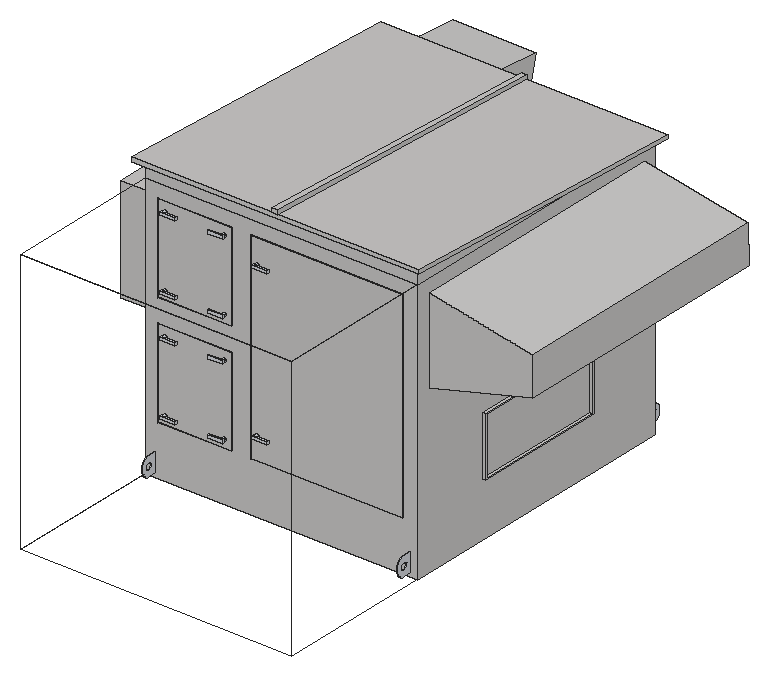
Revit family "DN-3RT-2FP-ERV", category Mechanical Equipment, Revit 2016
Family settings
  Part Type = Normal
  Round Connector Dimension = Use Diameter
  OmniClass Number = 23.75.00.00
  OmniClass Title = Climate Control (HVAC)
  Work Plane-Based = No
  Always vertical = Yes
  Cut with Voids When Loaded = No
  Shared = No
  Room Calculation Point = No
Parameters (values of type "2 @ 2.70 kW ea.")
  Voltage [instance] = "200-240 V"
  Unit Weight Range (lbs) [instance] = "2125-2325 lbs."
  Max. Shipping Weight (lbs) [instance] = "2350-2550 lbs."
  Unit Dimensions (L x W x H) [instance] = "112-1/4\" x 104-5/8\" x 77-1/8\""
  Shipping Dimensions (L x W x H) [instance] = "100\" x 90\" x 83\""
  Unit [instance] = Renewaire - Galvanized Steel
  URL = "www.renewaire.com"
  Typical Airflow Range = "750-3,300 CFM"
  Standard Features [instance] = "EC Motors for both airstreams, Direct drive backward inclined plenum, Higher ESP of up to 2.5\" w.g. at 3,000 CFM, Integrated programmable controls, True 100% face and bypass enthalpy based modulating economizer, Class 1 low leakage motorized isolation dampers, 1\" Double wall foam injected 20 gauge galvanized panel construction with R6.5 insulation"
  Service Area Visibility [instance] = yes
  Service Area Box [instance] = Renewaire - Interference
  Revit Object Download Link [instance] = ""
  Phase [instance] = "Three"
  Options [instance] = "Onboard variable frequency drives (VFDs) - both airstreams, Fused disconnect, Spring isolators (VFDs only), 2\" Double wall foam injected 20 gauge galvanized panel construction with R13 insulation, Exterior paint - grey, white, custom color, Salt spray - 2500 hours, BACNET factory activation, GFCI convenience outlet, Recirculation damper, Mist Eliminator"
  Number Motors [instance] = "Qty. 2, Direct drive motorized impeller packages"
  Model = "DN-3RT-2FP-ERV"
  Minimum Circuit Amps [instance] = "19.4 A"
  Maximum Overcurrent Protection [instance] = "25 A"
  Manufacturer = "Renewaire LLC"
  Inlets/Outlets [instance] = "OA & RA Inlets: 36\" x 16\", SA Outlet: 24\" x 16\", EA Outlet: 20\" x 16\""
  Frequency [instance] = "50/60 Hz"
  Filters [instance] = "Total qty. 6, MERV 8: 20\" x 20\" x 2\""
  FLA per Motor [instance] = "8.6-7.2"
  Energy Recovery Type [instance] = "Static plate total energy transfer"
  Description = "Energy Recovery Ventilator"
  Accessories [instance] = "Filters - MERV 13, 2\"  and 4\" (shipped loose), MERV 14, 2\" and 4\" (shipped loose), Additional filters available upon request, Roof curb - standard 14\", Hurricane or seismic rated curbs, Curb clip kit, Carbon dioxide sensor/control - wall mount (CO2-W), duct mount (CO2-D), IAQ sensor - wall mount (IAQ-W), duct mount (IAQ-D), Motion occupancy sensor/control - ceiling mount (MC-C), wall mount (MC-W), Smoke detector, Room temperature and humidity sensor, Duct static pressure sensor with display to 10\", without display 0-2\", Room pressure sensor with display to 1\", without display 0-1\", Remote display"
  AHRI 1060 Certified Core [instance] = "Three L-125-G5"
Types (6): name | Voltage | Minimum Circuit Amps | Maximum Overcurrent Protection | FLA per Motor
  (no name) | "200-240 V" | "19.4 A" | "25 A" | "8.6-7.2"
  2 @ 2.70 kW ea. | "200-240 V" | "19.4 A" | "25 A" | "8.6-7.2"
  2 @ 3.70 kW ea. | "380-480 V" | "13.5 A" | "15 A" | "6.0-4.6"
  2 @ 5HP ea. 208-230V | "208-230 V" | "31.3 A" | "45 A" | "13.9-13.4/6.7"
  2 @ 5HP ea. 460V | "460V" | "15.1 A" | "20 A" | "6.7"
  2 @ 5HP ea. 575V | "575V" | "11.9 A" | "15 A" | "5.3"
Reference planes (in)
  plane 1 "Center (Front/Back)": y = 0
  plane 2: z = 0
  plane 3 "Center (Left/Right)": x = 0
  plane 4: y = -39.6875
  plane 5: x = -2
Forms (in)
  Extrusion 1, solid, material "Renewaire - Galvanized Steel" <- "Unit"
    sketch origin (0, 0, 0) x (0, 1, 0) y (0, 0, 1)
      loop
        line (38.6875, 70.875) -> (-40.6875, 70.875) -> (-40.6875, 0) -> (38.6875, 0) -> (38.6875, 70.875)
    from 70.875 to -2
  Extrusion 2, void
    sketch origin (0, 0, 0) x (1, 0, 0) y (0, 0, 1)
      loop
        line (21.2974, 67.32399) -> (1.2974, 67.32399) -> (1.2974, 43.32172) -> (21.2974, 43.32172) -> (21.2974, 67.32399)
      loop
        line (67.20649, 67.32399) -> (26.2065, 67.32399) -> (26.2065, 13.32173) -> (67.20649, 13.32173) -> (67.20649, 67.32399)
      loop
        line (21.2974, 37.32286) -> (1.2974, 37.32286) -> (1.2974, 13.3206) -> (21.2974, 13.3206) -> (21.2974, 37.32286)
    from 41.6875 to 39.6875
  Extrusion 3, solid, material "Renewaire - Galvanized Steel" <- "Unit"
    sketch origin (0, -1.04504, 1.25231) x (0, 1, 0) y (0, 0, 1)
      loop
        line (12.02253, 30.88417) -> (-11.97747, 30.88417) -> (-11.97747, 14.88417) -> (12.02253, 14.88417) -> (12.02253, 30.88417)
      loop
        line (11.77253, 30.63417) -> (-11.72747, 30.63417) -> (-11.72747, 15.13417) -> (11.77253, 15.13417) -> (11.77253, 30.63417)
    from -2 to -3
  Extrusion 4, solid, material "Renewaire - Galvanized Steel" <- "Unit"
    sketch origin (0, -1.04504, 3) x (0, 1, 0) y (0, 0, 1)
      loop
        line (-17.97746, 27.82167) -> (-17.97746, 11.82167) -> (18.02254, 11.82167) -> (18.02254, 27.82167) -> (-17.97746, 27.82167)
      loop
        line (-17.72746, 27.57167) -> (-17.72746, 12.07167) -> (17.77254, 12.07167) -> (17.77254, 27.57167) -> (-17.72746, 27.57167)
    from 71.875 to 70.875
  Extrusion 5, void
    sketch origin (0, 0, 0) x (1, 0, 0) y (0, 1, 0)
      loop
        line (2, 36.6875) -> (2, -38.6875) -> (68.875, -38.6875) -> (68.875, 36.6875) -> (2, 36.6875)
    from -1 to 6
  Extrusion 6, void
    sketch origin (0, 0, 0) x (1, 0, 0) y (0, 1, 0)
      loop
        line (64.82319, 17.02251) -> (48.8232, 17.02251) -> (48.8232, -18.97749) -> (64.82319, -18.97749) -> (64.82319, 17.02251)
      loop
        line (23.5945, 11.02929) -> (7.5945, 11.02929) -> (7.5945, -12.97071) -> (23.5945, -12.97071) -> (23.5945, 11.02929)
    from 4 to 6.125
  Extrusion 7, solid, material "Renewaire - Interference" <- "Service Area Box"
    sketch origin (0, 0, 0) x (1, 0, 0) y (0, 1, 0)
      loop
        line (-2, -40.6875) -> (-2, -82.6875) -> (70.875, -82.6875) -> (70.875, -40.6875) -> (-2, -40.6875)
    from 0 to 70.875
  Extrusion 8, solid, material "Renewaire - Galvanized Steel" <- "Unit"
    sketch origin (0, 0, 0) x (1, 0, 0) y (0, 0, 1)
      loop
        line (1.5474, 67.07399) -> (1.5474, 43.57172) -> (21.0474, 43.57172) -> (21.0474, 67.07399) -> (1.5474, 67.07399)
      loop
        line (1.5474, 37.07286) -> (1.5474, 13.5706) -> (21.0474, 13.5706) -> (21.0474, 37.07286) -> (1.5474, 37.07286)
      loop
        line (26.4565, 67.07399) -> (26.4565, 13.57173) -> (66.95649, 13.57173) -> (66.95649, 67.07399) -> (26.4565, 67.07399)
    from 39.6875 to 40.6875
  Extrusion 9, solid, material "Renewaire - Galvanized Steel" <- "Unit"
    sketch origin (0, 0, 0) x (0, 1, 0) y (0, 0, 1)
      loop
        line (38.6875, 67.40788) -> (38.6875, 49.36009) -> (55.14296, 48.91539) -> (59.60759, 65.57761) -> (38.6875, 67.40788)
    from 0 to 22.39252
  Extrusion 10, solid, material "Renewaire - Galvanized Steel" <- "Unit"
    sketch origin (0, 0, 0) x (1, 0, 0) y (0, 0, 1)
      loop
        line (70.875, 67.38694) -> (70.875, 44.63001) -> (98.94202, 51.93797) -> (98.94202, 62.43797) -> (70.875, 67.38694)
    from -35.06601 to 37.05392
  Extrusion 11, solid, material "Renewaire - Galvanized Steel" <- "Unit"
    sketch origin (0, 0, 0) x (0, 1, 0) y (0, 0, 1)
      loop
        line (40.71506, 70.90575) -> (40.76536, 71.90448) -> (-42.74883, 76.11069) -> (-42.79913, 75.11195) -> (40.71506, 70.90575)
    from -4 to 72.875
  Extrusion 12, solid, material "Renewaire - Galvanized Steel" <- "Unit"
    sketch origin (0, 0, 0) x (0, 1, 0) y (0, 0, 1)
      loop
        line (38.6875, 70.875) -> (38.6875, 71.00786) -> (-40.6875, 75.0056) -> (-40.6875, 70.875) -> (38.6875, 70.875)
    from -2 to 70.875
  Extrusion 13, solid, material "Renewaire - Galvanized Steel" <- "Unit"
    sketch origin (0, 0, 0) x (0, 1, 0) y (0, 0, 1)
      loop
        line (40.76536, 71.90448) -> (40.81566, 72.90323) -> (-42.69853, 77.10944) -> (-42.74883, 76.11069) -> (40.76536, 71.90448)
    from 33.5 to 35
  Extrusion 14, solid, material "Renewaire - Galvanized Steel" <- "Unit"
    sketch origin (8.875, -16.6875, 0) x (0, 1, 0) y (0, 0, 1)
      loop
        line (3.25, 64.375) -> (-19, 64.375) -> (-19, 36.25) -> (3.25, 36.25) -> (3.25, 64.375)
    from -10.875 to -21.625
Cuts and joins
  Extrusion 2, Extrusion 5, Extrusion 6 cuts Extrusion 1
Dimensions and locks (in)
  plane 5 to Extrusion 6 sketch curve = 0' - 9.5945"
  locked: Extrusion 6 sketch curve to Extrusion 6 sketch curve at 16
  plane 5 to Extrusion 12 = 6' - 0 7/8"
  aligned and locked: level to plane 2
  aligned and locked: cut or joined group of Extrusion 1, Extrusion 2, Extrusion 5, Extrusion 6 to Extrusion 7 sketch curve
  aligned and locked: Extrusion 7 to level
  aligned and locked: Extrusion 3 to Extrusion 7
  aligned and locked: Extrusion 7 to plane 5
  aligned and locked: plane 5 to Extrusion 3
  aligned and locked: nested 11 to nested 9
Nested families (in)
  nested 1: "Handle" at (19.19534, -40.6875, 64.71643), type "Handle"
    with Right Handle no, Left Handle yes, Flip yes
  nested 2: "Handle" at (19.19534, -40.6875, 45.71643), type "Handle"
    with Right Handle no, Left Handle yes, Flip yes
  nested 3: "Handle" at (3.28217, -40.6875, 64.71643) x (-1, 0, 0) z (0, 0, 1), type "Handle"
    with Right Handle no, Left Handle yes, Flip yes
  nested 4: "Handle" at (3.28217, -40.6875, 45.71643) x (-1, 0, 0) z (0, 0, 1), type "Handle"
    with Right Handle no, Left Handle yes, Flip yes
  nested 5: "Handle" at (19.19534, -40.6875, 34.7153), type "Handle"
    with Right Handle no, Left Handle yes, Flip yes
  nested 6: "Handle" at (19.19534, -40.6875, 15.7153), type "Handle"
    with Right Handle no, Left Handle yes, Flip yes
  nested 7: "Handle" at (3.28217, -40.6875, 34.7153) x (-1, 0, 0) z (0, 0, 1), type "Handle"
    with Right Handle no, Left Handle yes, Flip yes
  nested 8: "Handle" at (3.28217, -40.6875, 15.7153) x (-1, 0, 0) z (0, 0, 1), type "Handle"
    with Right Handle no, Left Handle yes, Flip yes
  nested 9: "Lifting Lug" at (0.487, 38.6875, 0.74993) x (0, 1, 0) z (0, 0, 1), Material <- "Unit", type "Lifting Lug"
    with Material Renewaire - Galvanized Steel
  nested 10: "Lifting Lug" at (68.85071, 38.6875, 0.74993) x (0, 1, 0) z (0, 0, 1), Material <- "Unit", type "Lifting Lug"
    with Material Renewaire - Galvanized Steel
  nested 11: "Lifting Lug" at (0.487, -40.6875, 0.74993) x (0, -1, 0) z (0, 0, 1), Material <- "Unit", type "Lifting Lug"
    with Material Renewaire - Galvanized Steel
  nested 12: "Lifting Lug" at (68.85071, -40.6875, 0.74993) x (0, -1, 0) z (0, 0, 1), Material <- "Unit", type "Lifting Lug"
    with Material Renewaire - Galvanized Steel
  nested 13: "Handle" at (27.90471, -40.6875, 60.57394) x (-1, 0, 0) z (0, 0, 1), type "Handle"
    with Right Handle no, Left Handle yes, Flip yes
  nested 14: "Handle" at (27.90471, -40.6875, 19.59892) x (-1, 0, 0) z (0, 0, 1), type "Handle"
    with Right Handle no, Left Handle yes, Flip yes
Connectors (in)
  hvac at (-3, -1.02251, 24.13648)
    settings: on Extrusion 3, index 1, duct flow 0 CFM, flow factor 0, pres drop 0.00 in-wg, loss coef 0, conn angle 0.00°, conn width 24", conn height 16", conn diameter 24", duct sys type 1, conn prof type 1, flow config 0, flow direction 2, loss method 0, conn ref index -1, conn util no, is conn primary yes, conn desc "Supply Air (SA)"
  hvac at (71.875, -1.0225, 22.82167)
    settings: on Extrusion 4, index 4, duct flow 0 CFM, flow factor 0, pres drop 0.00 in-wg, loss coef 0, conn angle 0.00°, conn width 36", conn height 16", conn diameter 24", duct sys type 2, conn prof type 1, flow config 0, flow direction 1, loss method 0, conn ref index -1, conn util no, is conn primary no, conn desc "Return Air (RA)"
  hvac at (15.5945, -0.97071, 6)
    settings: on cut or joined group of Extrusion 1, Extrusion 2, Extrusion 5, Extrusion 6, index 5, duct flow 0 CFM, flow factor 0, pres drop 0.00 in-wg, loss coef 0, conn angle 0.00°, conn width 24", conn height 16", conn diameter 24", duct sys type 1, conn prof type 1, flow config 0, flow direction 2, loss method 0, conn ref index -1, conn util no, is conn primary no, conn desc "Supply Air (SA)"
  hvac at (56.8232, -0.97749, 6)
    settings: on cut or joined group of Extrusion 1, Extrusion 2, Extrusion 5, Extrusion 6, index 6, duct flow 0 CFM, flow factor 0, pres drop 0.00 in-wg, loss coef 0, conn angle 0.00°, conn width 36", conn height 16", conn diameter 24", duct sys type 1, conn prof type 1, flow config 0, flow direction 1, loss method 0, conn ref index -1, conn util no, is conn primary no, conn desc "Return Air (RA)"
Definition of nested family "Handle"
  Parameters (values of type "Handle")
    Right Handle [instance] = not(Flip)  # no
    Material = none
    Left Handle [instance] = Flip  # yes
    Flip [instance] = yes
  Reference planes (in)
    plane 1 "Center (Front/Back)": y = 0
    plane 2: z = 0
    plane 3 "Center (Left/Right)": x = 0
  Forms (in)
    Extrusion 1, solid, material <- "Material"
      sketch origin (0, 0, 0) x (1, 0, 0) y (0, 0, 1)
        loop
          circle (0, 0) r 0.375
      from 0 to 0.75
    Extrusion 2, solid, material <- "Material", visible <- "Right Handle"
      sketch origin (0, 0, 0) x (1, 0, 0) y (0, 1, 0)
        loop
          line (-0.375, -0.75) -> (-0.375, -1.25) -> (3.625, -1.25) -> (3.625, -0.75) -> (-0.375, -0.75)
      from -0.375 to 0.375
    Extrusion 3, solid, material <- "Material", visible <- "Left Handle"
      sketch origin (-3.25, 0, 0) x (1, 0, 0) y (0, 1, 0)
        loop
          line (-0.375, -0.75) -> (-0.375, -1.25) -> (3.625, -1.25) -> (3.625, -0.75) -> (-0.375, -0.75)
      from -0.375 to 0.375
  Dimensions and locks (in)
    aligned and locked: plane 2 to level
Definition of nested family "Lifting Lug"
  Parameters (values of type "Lifting Lug")
    Material [instance] = none
  Reference planes (in)
    plane 1 "Center (Front/Back)": y = 0
    plane 2: z = 0
    plane 3 "Center (Left/Right)": x = 0
  Forms (in)
    Extrusion 1, solid
      sketch origin (0, 0, 0) x (1, 0, 0) y (0, 0, 1)
        loop
          line (0, 0.1875) -> (2, 0.1875)
          arc (2, 0.1875) -> (3.41421, 0.77329) -> (4, 2.1875) r 2
          line (4, 2.1875) -> (4, 3.1875)
          arc (4, 3.1875) -> (3.41421, 4.60171) -> (2, 5.1875) r 2
          line (2, 5.1875) -> (0, 5.1875) -> (0, 0.1875)
        loop
          circle (2.125, 2.6875) r 1
      from 0 to 0.25
  Dimensions and locks (in)
    aligned and locked: plane 2 to level
